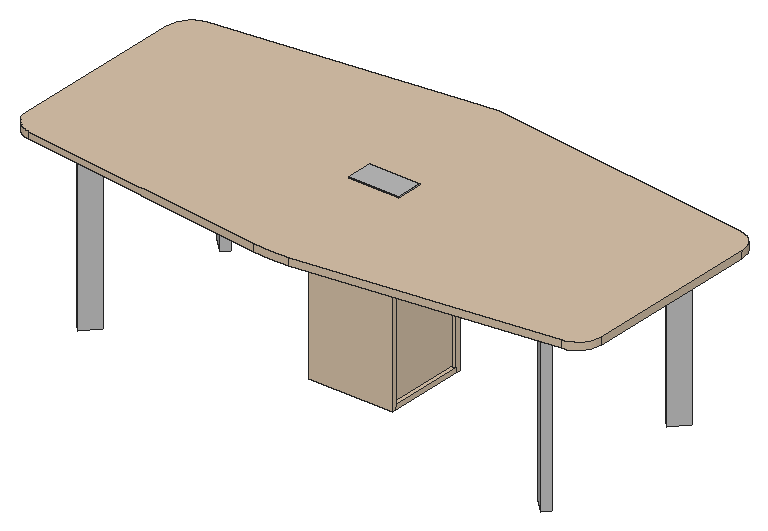
Revit family "Haworth_Planes_ConferenceTable_HexagonOnePiece", category Furniture Systems, Revit 2018
Family settings
  Round Connector Dimension = Use Diameter
  Part Type = Normal
  OmniClass Number = 23.40.70.14.64.21
  OmniClass Title = Systems Furniture
  Work Plane-Based = No
  Always vertical = Yes
  Cut with Voids When Loaded = No
  Shared = No
  Room Calculation Point = No
Parameters (values of type "96w 48d")
  Worksurface Finish = Haworth _ Laminate _ Maple H-AE
  Worksurface Edge Finish = Haworth _ Laminate _ Maple H-AE
  Warranty = "http://www.haworth.com/resources/product-info/warranties"
  URL - Product = "http://www.haworth.com/products/tables/conference/planes"
  Sustainability Info = "http://www.haworth.com/company-info/sustainablility"
  Support Middle Offset = 5"  # constant formula
  Support Location_Front_Back = if(Actual Depth < 45", 8", 10")  # 10"
  Support Finish = Haworth _ Paint _ Metallic Champagne
  Model = "Haworth - Planes - Conference Table - Hexagon One Piece"  # constant formula
  Min. Depth = if(Width < 97", 36", 42")  # 36"
  Middle Leg_Interior = and(not(Middle Leg Off_Override), not(or(Cable Base, Actual Width < 77")))  # no
  Middle Leg Off_Override = no
  Max. Depth = if(Width < 83", 36", 60")  # 60"
  Width = 96"
  URL = "www.haworth.com"
  Support Height = Actual Height - Table Thickness  # 27 13/16"
  Size = "Verify Final Dim. w/ Haworth"  # constant formula
  Revision Number = "2"  # constant formula
  Min/Max Width = "72-120 @ 6 in. increments"  # constant formula
  Standard Height = "29 in."  # constant formula
  Min. Width = if(Depth > 39", 84", 72")  # 84"
  Max. Width = if(Depth > 39", 120", 96")  # 120"
  Min. Height = 29"  # constant formula
  Max. Height = 29"  # constant formula
  Manufacturer = "Haworth"  # constant formula
  Support Location_Side = 10"  # constant formula
  Flip Top Position = Actual Width / 4  # 24"
  Flip Top Left/Right = no
  Flip Top Finish = Haworth _ Paint _ Metallic Champagne
  Flip Top Center = yes
  Flip Top - Single Sided Wide = no
  Flip Top - Single Sided = yes
  Flip Top - Double Sided Wide = no
  Flip Top - Double Sided = no
  Description = "Haworth - Planes - Conference Table - Hexagon One Piece"  # constant formula
  Depth = 48"
  Custom Size = not(or(Standard 42, Standard 36))  # no
  Standard 42 = and(or(Depth = 42", Depth = 48", Depth = 54", Depth = 60"), or(Width = 84", Width = 90", Width = 96", Width = 102", Width = 108", Width = 114", Width = 120"))  # yes
  Standard 36 = and(Depth = 36", or(Width = 72", Width = 78", Width = 84", Width = 90", Width = 96"))  # no
  Cube Base Finish = Haworth _ Laminate _ Maple H-AE
  Cable Base 14 x 14 = and(Cable Base, Actual Depth > 41")  # yes
  Cable Base = yes
  Author = "Haworth (Hampton)"  # constant formula
  Assembly Code = "E2020200"
  Actual Width = if(Width > Max. Width, Max. Width, if(Width < Min. Width, Min. Width, Width))  # 96"
  Actual Height = 29"  # constant formula
  Table Thickness = 1 3/16"  # constant formula
  Standard Depths = "36, 42, 48, 54, 60 in."  # constant formula
  Actual Depth = if(Depth > Max. Depth, Max. Depth, if(Depth < Min. Depth, Min. Depth, Depth))  # 48"
Reference planes (in)
  plane 1 "Center F/B": y = -0.15866
  plane 2 "Floor": z = 0
  plane 3 "Center L/R": x = 0
  plane 4 "Table Edge Left": x = -48
  plane 5 "Table Edge Right": x = 48
  plane 6 "Table Edge Back": y = -24.15866
  plane 7 "Table Edge Front": y = 23.84134
  plane 8 "Table Bottom": z = 29
  plane 9 "Left Support Location": x = -38
  plane 10 "Back Support Location": y = 13.84134
  plane 11 "Front Support Location": y = -14.15866
  plane 12 "Right Support Location": x = 38
  plane 13 "masking region": z = 27
  plane 14 "Middle Leg Back": y = 18.84134
  plane 15 "Middle Leg Front": y = -19.15866
  plane 16 "Flip Top Left": x = -24
  plane 17 "Flip Top Right": x = 24
Dimensions and locks (in)
  "Actual Depth": plane 7 "Table Edge Front" to plane 6 "Table Edge Back"
  "Actual Width": plane 4 "Table Edge Left" to plane 5 "Table Edge Right"
  equal spacing: plane 4 "Table Edge Left", plane 3 "Center L/R", plane 5 "Table Edge Right"
  equal spacing: plane 7 "Table Edge Front", plane 1 "Center F/B", plane 6 "Table Edge Back"
  "Actual Height": plane 8 "Table Bottom" to level
  "Support Location_Side": plane 4 "Table Edge Left" to plane 9 "Left Support Location"
  "Support Location_Side": plane 12 "Right Support Location" to plane 5 "Table Edge Right"
  "Support Location_Front_Back": plane 7 "Table Edge Front" to plane 10 "Back Support Location"
  "Support Location_Front_Back": plane 11 "Front Support Location" to plane 6 "Table Edge Back"
  locked: plane 8 "Table Bottom" to plane 13 "masking region" at 2
  "Support Middle Offset": plane 7 "Table Edge Front" to plane 14 "Middle Leg Back"
  "Support Middle Offset": plane 6 "Table Edge Back" to plane 15 "Middle Leg Front"
  "Flip Top Position": plane 4 "Table Edge Left" to plane 16 "Flip Top Left"
  "Flip Top Position": plane 17 "Flip Top Right" to plane 5 "Table Edge Right"
  aligned and locked: plane 9 "Left Support Location" to nested 2
  aligned and locked: nested 2 to plane 11 "Front Support Location"
  aligned and locked: nested 1 to plane 10 "Back Support Location"
  aligned and locked: plane 9 "Left Support Location" to nested 1
  aligned and locked: plane 10 "Back Support Location" to nested 3
  aligned and locked: plane 11 "Front Support Location" to nested 4
  aligned and locked: plane 12 "Right Support Location" to nested 4
  aligned and locked: plane 12 "Right Support Location" to nested 3
  aligned and locked: plane 3 "Center L/R" to nested 5
  aligned and locked: plane 3 "Center L/R" to nested 6
  aligned and locked: nested 6 to plane 11 "Front Support Location"
  aligned and locked: plane 10 "Back Support Location" to nested 5
  aligned and locked: plane 3 "Center L/R" to nested 7
  aligned and locked: plane 3 "Center L/R" to nested 8
  aligned and locked: plane 11 "Front Support Location" to nested 8
  aligned and locked: nested 7 to plane 10 "Back Support Location"
  aligned: nested 10 to plane 14 "Middle Leg Back"
  aligned and locked: nested 10 to plane 14 "Middle Leg Back"
  aligned and locked: plane 15 "Middle Leg Front" to nested 11
  aligned and locked: plane 3 "Center L/R" to nested 12
  aligned and locked: plane 1 "Center F/B" to nested 12
  aligned and locked: nested 12 to nested 13
  aligned and locked: plane 16 "Flip Top Left" to nested 14
  aligned and locked: nested 12 to nested 14
  aligned and locked: plane 1 "Center F/B" to nested 15
  aligned and locked: nested 15 to plane 17 "Flip Top Right"
  aligned and locked: nested 12 to nested 16
  aligned and locked: plane 1 "Center F/B" to nested 16
Nested families (in)
  nested 1: "Haworth_Worksurface-Support_Part-Leg" at (-29.5, 35.08065, 0) x (-1, 0, 0) z (0, 0, 1), type "Support"
  nested 2: "Haworth_Worksurface-Support_Part-Leg" at (-46.5, 7.08065, 0), type "Support"
  nested 3: "Haworth_Worksurface-Support_Part-Leg" at (46.5, -7.39797, 0) x (-1, 0, 0) z (0, 0, 1), type "Support"
  nested 4: "Haworth_Worksurface-Support_Part-Leg" at (46.5, 7.08065, 0) x (-1, 0, 0) z (0, 0, 1), type "Support"
  nested 5: "Haworth_Worksurface-Support_Part-Leg" at (8.5, 35.08065, 0) x (-1, 0, 0) z (0, 0, 1), visible <- "Middle Leg_Interior", type "Middle Support"
    with Support Post 45 Degree no
  nested 6: "Haworth_Worksurface-Support_Part-Leg" at (-8.5, 7.08065, 0), visible <- "Middle Leg_Interior", type "Middle Support"
    with Support Post 45 Degree no
  nested 7: "Haworth_Worksurface-Support_Part-Leg" at (21.23931, 5.34134, 0) x (0, 1, 0) z (0, 0, 1), type "Middle Support", not visible
    with Support Post 45 Degree no
  nested 8: "Haworth_Worksurface-Support_Part-Leg" at (-21.23931, -22.65866, 0) x (0, 1, 0) z (0, 0, 1), type "Middle Support", not visible
    with Support Post 45 Degree no
  nested 9: "Haworth_Worksurface-Support_Part-Leg" at (-7, 34.83065, 0), type "Middle Support"
    with Support Post 45 Degree no
  nested 10: "Haworth_Worksurface-Support_Part-Leg" at (-21.02887, 27.84939, 0) x (0.7071, 0.7071, 0) z (0, 0, 1), visible <- "Middle Leg_Interior", type "Support"
  nested 11: "Haworth_Worksurface-Support_Part-Leg" at (-21.02887, -10.15061, 0) x (0.7071, 0.7071, 0) z (0, 0, 1), visible <- "Middle Leg_Interior", type "Support"
  nested 12: "Haworth_Worksurface-Hexagon" at (0, -15.15866, 0), type "Worksurface"
  nested 13: "Haworth-Flip_Top" at (-0.57037, -0.21114, 0), visible <- "Flip Top Center", type "Flip Top"
    with Single Sided yes
  nested 14: "Haworth-Flip_Top" at (-24.57037, -0.21114, 0), visible <- "Flip Top Left/Right", type "Flip Top"
    with Single Sided yes
  nested 15: "Haworth-Flip_Top" at (23.42963, -0.21114, 0), visible <- "Flip Top Left/Right", type "Flip Top"
    with Single Sided yes
  nested 16: "Haworth_Planes-Cable_Base" at (0, -3.78366, 0), visible <- "Cable Base", type "Base"
    with Actual Depth 14", 8 x 14 no, 14 x 14 yes
Definition of nested family "Haworth_Worksurface-Support_Part-Leg"
  Parameters
    Top Thickness = 1 3/16"
    Support Post Standard = no
    Support Post 45 Degree = yes
    Support Height = Actual Height - Top Thickness  # 27 13/16"
    Model = "Worksurface"
    Worksurface Height = 29"
    Warranty = "www.haworth.com/en-us/Products/Pages/Certifications.aspx"
    URL - Product = "www.haworth.com/en-us/Products/Furniture/Systems/Desking-Systems/Pages/Compose.aspx"
    URL = "www.haworth.com"
    Sustainability Info = "www.haworth.com/en-us/About-Us/Sustainability/Pages/Vision.aspx"
    Support Finish = none
    Size = "Verify Final Dim. w/ Haworth"  # constant formula
    Revision Number = "1"  # constant formula
    Min/Max Height = "26-32 in."  # constant formula
    Min. Height = 20"  # constant formula
    Max. Height = 48"  # constant formula
    Manufacturer = "Haworth"  # constant formula
    LEED Data = "www.haworth.com/_layouts/Haworth.ProductCatalog/Handlers/GetAsset.ashx/ComposeLEEDContributions.pdf?cid=27&rid=1824&type=Leed"
    Description = "Worksurface Support"  # constant formula
    Author = "SHAPE Environments, LLC"  # constant formula
    Assembly Code = "E2020200"
    Actual Top Thickness = if(Top Thickness > 3", 3", if(Top Thickness < 1", 1", Top Thickness))  # 1 3/16"
    Actual Height = 29"
  Reference planes (in)
    plane 1: z = 0
    plane 2 "Center L/R": x = 8.5
    plane 3 "Support Top": z = 27.8125
    plane 4 "Center F/B": y = -21.23931
    plane 5 "Center 45": through (8.5, -21.23931, 48) normal (-0.7071, -0.7071, 0)
  Forms (in)
    Extrusion 1, solid, material <- "Support Finish", visible <- "Support Post 45 Degree"
      sketch origin (17.50805, -0.21044, 0) x (0.707107, -0.707107, 0) y (0.707107, 0.707107, 0)
        loop
          line (7.75, -22.86431) -> (9.25, -22.86431) -> (9.25, -19.61431) -> (7.75, -19.61431) -> (7.75, -22.86431)
      from 0 to 27.8125
  Lines and regions (in)
    symbolic lines, visible <- "Support Post 45 Degree", detail levels fine
      curve 1: line (6.82062, -21.85803, 0) -> (9.11872, -19.55993, 0)
      curve 2: line (9.11872, -19.55993, 0) -> (10.17938, -20.62059, 0)
      curve 3: line (10.17938, -20.62059, 0) -> (7.88128, -22.91869, 0)
      curve 4: line (7.88128, -22.91869, 0) -> (6.82062, -21.85803, 0)
  Dimensions and locks (in)
    "Support Height": plane 3 "Support Top" to level
    aligned and locked: plane 3 "Support Top" to Extrusion 1
  Automatic sketch dimensions
    plane 2 "Center L/R" to Extrusion 1 sketch curve = 0.61872"
    Extrusion 1 sketch curve to plane 4 "Center F/B" = 1.67938"
    Extrusion 1 sketch curve to Extrusion 1 sketch curve = 1 1/2"
    Extrusion 1 sketch curve to Extrusion 1 sketch curve = 3 1/4"
    plane 4 "Center F/B" to curve 1 = 0.61872"
    plane 2 "Center L/R" to curve 2 = 0.61872"
    curve 2 to plane 4 "Center F/B" = 0.61872"
    curve 4 to plane 2 "Center L/R" = 0.61872"
    curve 4 to curve 3 = 1.06066"
Definition of nested family "Haworth_Worksurface-Hexagon"
  Parameters
    Warranty = ""
    URL - Product = ""
    URL = "www.haworth.com"
    Table Thickness = 1 3/16"
    Table Finish = none
    Table Edge Finish = none
    Sustainability Info = ""
    Revision Number = "1"
    OmniClass Number = ""
    Material Options = ""
    Manufacturer = "Haworth"  # constant formula
    LEED Data = ""
    Cutout Width = 8"
    Cutout Dimension = if(Cutout, 3", 1")  # 1"
    Cutout Depth = 4"
    Cutout = no
    Author = "Haworth (Hampton)"  # constant formula
    Assembly Code = ""
    Actual Width = 96"
    Actual Height = 29"
    Actual Depth = 48"
  Reference planes (in)
    plane 1 "Center F/B": y = 15
    plane 2: z = 0
    plane 3 "Center L/R": x = 0
    plane 4 "Table Front": y = 39
    plane 5 "Table Right": x = 48
    plane 6 "Table Left": x = -48
    plane 7 "Table Back": y = -9
    plane 8 "Table Top": z = 29
    plane 9 "Table Bottom": z = 27.8125
    plane 10 "Cutout Top": z = 30
    plane 11 "Cutout Bottom": z = 29
  Forms (in)
    Extrusion 1, solid, material <- "Table Finish"
      sketch origin (0, 0, 0) x (1, 0, 0) y (0, 1, 0)
        loop
          line (-2.92486, 38.70059) -> (-44.48748, 33.59734)
          arc (-44.48748, 33.59734) -> (-46.99582, 32.27764) -> (-48, 29.62716) r 4
          line (-48, 29.62716) -> (-48, 0.37284)
          arc (-48, 0.37284) -> (-46.99582, -2.27764) -> (-44.48748, -3.59734) r 4
          line (-44.48748, -3.59734) -> (-2.92486, -8.70059)
          arc (-2.92486, -8.70059) -> (0, -8.87948) -> (2.92486, -8.70059) r 24
          line (2.92486, -8.70059) -> (44.48748, -3.59734)
          arc (44.48748, -3.59734) -> (46.99582, -2.27764) -> (48, 0.37284) r 4
          line (48, 0.37284) -> (48, 29.62716)
          arc (48, 29.62716) -> (46.99582, 32.27764) -> (44.48748, 33.59734) r 4
          line (44.48748, 33.59734) -> (2.92486, 38.70059)
          arc (2.92486, 38.70059) -> (0, 38.87948) -> (-2.92486, 38.70059) r 24
      from 27.8125 to 29
    Extrusion 2, void
      sketch origin (0, 0, 29) x (-1, 0, 0) y (0, -1, 0)
        loop
          line (4, -17) -> (4, -13) -> (-4, -13) -> (-4, -17) -> (4, -17)
      from 0 to 1
  Cuts and joins
    Extrusion 2 cuts Extrusion 1
  Lines and regions (in)
    Masking region 1
      outline origin (0, 0, 0) x (1, 0, 0) y (0, 1, 0)
        loop
          line (-2.92486, 38.70059) -> (-44.48748, 33.59734)
          arc (-44.48748, 33.59734) -> (-46.99582, 32.27764) -> (-48, 29.62716) r 4
          line (-48, 29.62716) -> (-48, 0.37284)
          arc (-48, 0.37284) -> (-46.99582, -2.27764) -> (-44.48748, -3.59734) r 4
          line (-44.48748, -3.59734) -> (-2.92486, -8.70059)
          arc (-2.92486, -8.70059) -> (0, -8.87948) -> (2.92486, -8.70059) r 24
          line (2.92486, -8.70059) -> (44.48748, -3.59734)
          arc (44.48748, -3.59734) -> (46.99582, -2.27764) -> (48, 0.37284) r 4
          line (48, 0.37284) -> (48, 29.62716)
          arc (48, 29.62716) -> (46.99582, 32.27764) -> (44.48748, 33.59734) r 4
          line (44.48748, 33.59734) -> (2.92486, 38.70059)
          arc (2.92486, 38.70059) -> (0, 38.87948) -> (-2.92486, 38.70059) r 24
    symbolic lines, visible <- "Cutout"
      curve 1: line (4, 13, 0) -> (-4, 13, 0)
      curve 2: line (-4, 13, 0) -> (-4, 17, 0)
      curve 3: line (-4, 17, 0) -> (4, 17, 0)
      curve 4: line (4, 17, 0) -> (4, 13, 0)
  Dimensions and locks (in)
    "Actual Depth": plane 7 "Table Back" to plane 4 "Table Front"
    "Actual Width": plane 6 "Table Left" to plane 5 "Table Right"
    equal spacing: plane 6 "Table Left", plane 3 "Center L/R", plane 5 "Table Right"
    equal spacing: plane 4 "Table Front", plane 1 "Center F/B", plane 7 "Table Back"
    "Table Thickness": plane 8 "Table Top" to plane 9 "Table Bottom"
    "Actual Height": plane 8 "Table Top" to level
    equal spacing: Extrusion 2 sketch curve, plane 3 "Center L/R", Extrusion 2 sketch curve
    "Cutout Width": Extrusion 2 sketch curve to Extrusion 2 sketch curve
    equal spacing: Extrusion 2 sketch curve, plane 1 "Center F/B", Extrusion 2 sketch curve
    "Cutout Depth": Extrusion 2 sketch curve to Extrusion 2 sketch curve
    "Cutout Dimension": plane 10 "Cutout Top" to plane 11 "Cutout Bottom"
    locked: plane 10 "Cutout Top" to plane 8 "Table Top" at 1
    aligned and locked: plane 8 "Table Top" to Extrusion 1
    aligned and locked: Extrusion 1 to plane 9 "Table Bottom"
    aligned and locked: Extrusion 2 to plane 11 "Cutout Bottom"
    aligned and locked: plane 10 "Cutout Top" to Extrusion 2
    aligned and locked: curve 1 to cut or joined group of Extrusion 1, Extrusion 2
    aligned and locked: curve 4 to cut or joined group of Extrusion 1, Extrusion 2
    aligned and locked: curve 3 to cut or joined group of Extrusion 1, Extrusion 2
    aligned and locked: curve 2 to cut or joined group of Extrusion 1, Extrusion 2
    aligned and locked: cut or joined group of Extrusion 1, Extrusion 2 to cut or joined group of Extrusion 1, Extrusion 2
  Automatic sketch dimensions
    Masking region 1 sketch curve to plane 6 "Table Left" = 0"
    Masking region 1 sketch curve to plane 3 "Center L/R" = 0"  (x2)
    Masking region 1 sketch curve to plane 5 "Table Right" = 0"
    plane 6 "Table Left" to Masking region 1 sketch curve = 3.51252"  (x2)
    Masking region 1 sketch curve to Masking region 1 sketch curve = 0.48748"  (x2)
    Masking region 1 sketch curve to plane 4 "Table Front" = 0.29941"  (x2)
    Masking region 1 sketch curve to plane 3 "Center L/R" = 2.92486"
    Masking region 1 sketch curve to plane 7 "Table Back" = 0.29941"  (x2)
    plane 3 "Center L/R" to Masking region 1 sketch curve = 2.92486"
    Masking region 1 sketch curve to Masking region 1 sketch curve = 4"  (x2)
    plane 5 "Table Right" to Masking region 1 sketch curve = 3.51252"  (x2)
    Masking region 1 sketch curve to plane 7 "Table Back" = 5.40266"  (x2)
    plane 1 "Center F/B" to Masking region 1 sketch curve = 0.12052"
    Masking region 1 sketch curve to plane 1 "Center F/B" = 0.12052"
    Masking region 1 sketch curve to plane 4 "Table Front" = 9.37284"  (x2)
    Extrusion 1 sketch curve to plane 6 "Table Left" = 0"
    Extrusion 1 sketch curve to plane 3 "Center L/R" = 0"  (x2)
    Extrusion 1 sketch curve to plane 5 "Table Right" = 0"
    plane 6 "Table Left" to Extrusion 1 sketch curve = 3.51252"  (x2)
    Extrusion 1 sketch curve to Extrusion 1 sketch curve = 0.48748"
    plane 6 "Table Left" to Extrusion 1 sketch curve = 4"
    Extrusion 1 sketch curve to plane 7 "Table Back" = 0.29941"  (x2)
    Extrusion 1 sketch curve to plane 3 "Center L/R" = 2.92486"  (x2)
    Extrusion 1 sketch curve to plane 4 "Table Front" = 0.29941"  (x2)
    Extrusion 1 sketch curve to Extrusion 1 sketch curve = 4"
    plane 5 "Table Right" to Extrusion 1 sketch curve = 4"
    plane 5 "Table Right" to Extrusion 1 sketch curve = 3.51252"  (x2)
    Extrusion 1 sketch curve to plane 7 "Table Back" = 5.40266"  (x2)
    plane 1 "Center F/B" to Extrusion 1 sketch curve = 0.12052"
    Extrusion 1 sketch curve to plane 1 "Center F/B" = 0.12052"
    Extrusion 1 sketch curve to plane 4 "Table Front" = 9.37284"  (x2)
Definition of nested family "Haworth-Flip_Top"
  Parameters
    Warranty = ""
    URL - Product = ""
    URL = ""
    Sustainability Info = ""
    Size = "Verify Final Dim. w/ Haworth"  # constant formula
    Single Sided = no
    Single Sided Wide = no
    Revision Number = ""
    OmniClass Number = ""
    Material Options = ""
    Manufacturer = "Haworth"  # constant formula
    LEED Data = ""
    Flip Top Finish = none
    Double Sided = no
    Double Sided Wide = no
    Author = "SHAPE Environments, LLC"  # constant formula
    Assembly Code = ""
    Actual Width = if(or(Double Sided Wide, Single Sided Wide), 11 1/4", 8 5/16")  # 8 5/16"
    Actual Height = 29"
    Actual Depth = if(or(Double Sided Wide, Double Sided), 8", 4 3/8")  # 4 3/8"
  Reference planes (in)
    plane 1 "Center F/B": y = 0.05249
    plane 2: z = 0
    plane 3 "Center L/R": x = 0.57037
    plane 4 "Back": y = 2.23999
    plane 5 "Right": x = 4.72662
    plane 6 "Front": y = -2.13501
    plane 7 "Left": x = -3.58588
    plane 8 "Table Height": z = 29
  Forms (in)
    Extrusion 1, solid, material <- "Flip Top Finish"
      sketch origin (0, 0, 29) x (-1, 0, 0) y (0, -1, 0)
        loop
          line (3.58588, -2.23999) -> (3.58588, 2.13501) -> (-4.72662, 2.13501) -> (-4.72662, -2.23999) -> (3.58588, -2.23999)
      from 0 to 0.125
    Extrusion 2, solid, material <- "Flip Top Finish"
      sketch origin (0, 0, 29) x (-1, 0, 0) y (0, -1, 0)
        loop
          line (3.46088, -2.05249) -> (3.46088, 1.94751) -> (-4.60162, 1.94751) -> (-4.60162, -2.05249) -> (3.46088, -2.05249)
      from 0 to -2.75
  Cuts and joins
    joined: Extrusion 1, Extrusion 2
  Lines and regions (in)
    symbolic lines
      curve 1: line (-3.58588, 2.23999, 29) -> (4.72662, 2.23999, 29)
      curve 2: line (-3.58588, -2.13501, 29) -> (-3.58588, 2.23999, 29)
      curve 3: line (4.72662, -2.13501, 29) -> (-3.58588, -2.13501, 29)
      curve 4: line (4.72662, 2.23999, 29) -> (4.72662, -2.13501, 29)
  Dimensions and locks (in)
    equal spacing: plane 7 "Left", plane 3 "Center L/R", plane 5 "Right"
    "Actual Width": plane 7 "Left" to plane 5 "Right"
    equal spacing: plane 6 "Front", plane 1 "Center F/B", plane 4 "Back"
    "Actual Depth": plane 4 "Back" to plane 6 "Front"
    plane 7 "Left" to Extrusion 2 sketch curve = 1/8"
    plane 4 "Back" to Extrusion 2 sketch curve = 3/16"
    Extrusion 2 sketch curve to plane 5 "Right" = 1/8"
    Extrusion 2 sketch curve to plane 6 "Front" = 3/16"
    "Actual Height": plane 8 "Table Height" to level
    aligned and locked: plane 7 "Left" to Extrusion 1 sketch curve
    aligned and locked: Extrusion 1 sketch curve to plane 4 "Back"
    aligned and locked: plane 6 "Front" to Extrusion 1 sketch curve
    aligned and locked: Extrusion 1 sketch curve to plane 5 "Right"
  Automatic sketch dimensions
    curve 4 to plane 5 "Right" = 0"
    curve 2 to plane 4 "Back" = 0"
    curve 2 to plane 7 "Left" = 0"
    curve 4 to plane 6 "Front" = 0"
Definition of nested family "Haworth_Planes-Cable_Base"
  Parameters
    Warranty = "www.haworth.com/en-us/Products/Pages/Certifications.aspx"
    URL - Product = "www.haworth.com/en-us/Products/Furniture/Tables/Conference-Ancillary/Pages/Planes.aspx"
    URL = "www.haworth.com"
    Sustainability Info = "www.haworth.com/en-us/About-Us/Sustainability/Pages/Vision.aspx"
    Size = "Verify Final Dim. w/ Haworth"  # constant formula
    Revision Number = "2"  # constant formula
    Model = "Haworth_Planes-Cable_Base"  # constant formula
    Min. Height = 27 13/16"  # constant formula
    Max. Height = 27 13/16"  # constant formula
    Manufacturer = "Haworth"  # constant formula
    LEED Data = "www.haworth.com/_layouts/Haworth.ProductCatalog/Handlers/GetAsset.ashx/PlanesLEEDContributions.pdf?cid=187&rid=1508&type=Leed"
    Description = "Haworth_Planes-Cable_Base"
    Base Finish = none
    Author = "SHAPE Environments, LLC"  # constant formula
    Assembly Code = "E2020200"
    Actual Width = 14"  # constant formula
    Actual Height = 27 13/16"  # constant formula
    Actual Depth = if([8 x 14], 8", 14")  # 8"
    8 x 14 = not([14 x 14])  # yes
    14 x 14 = no
  Reference planes (in)
    plane 1 "Center F/B": y = 3.625
    plane 2: z = 0
    plane 3 "Center L/R": x = 0
    plane 4 "Left": x = -7
    plane 5 "Right": x = 7
    plane 6 "Front": y = -0.375
    plane 7 "Top": z = 27.8125
    plane 8 "Back": y = 7.625
    plane 9: y = 6.875
    plane 10: x = 6.25
    plane 11: x = -6.25
    plane 12: y = 0.375
    plane 13: z = 27.0625
  Forms (in)
    Extrusion 1, solid, material <- "Base Finish"
      sketch origin (0, 0, 0) x (1, 0, 0) y (0, 1, 0)
        loop
          line (-7, 7.625) -> (-7, 6.875) -> (7, 6.875) -> (7, 7.625) -> (-7, 7.625)
        loop
          line (-7, 0.375) -> (-7, -0.375) -> (7, -0.375) -> (7, 0.375) -> (-7, 0.375)
      from 0 to 27.8125
    Extrusion 2, solid, material <- "Base Finish"
      sketch origin (0, 0, 0) x (1, 0, 0) y (0, 1, 0)
        loop
          line (-6.25, 6.875) -> (-6.25, 0.375) -> (-5.5, 0.375) -> (-5.5, 6.875) -> (-6.25, 6.875)
        loop
          line (6.25, 6.875) -> (5.5, 6.875) -> (5.5, 0.375) -> (6.25, 0.375) -> (6.25, 6.875)
      from 0 to 27.0625
    Extrusion 3, solid, material <- "Base Finish"
      sketch origin (0, 0, 0) x (1, 0, 0) y (0, 1, 0)
        loop
          line (-7, 6.875) -> (-7, 0.375) -> (7, 0.375) -> (7, 6.875) -> (-7, 6.875)
        loop
          line (-4, 4.625) -> (-4, 2.625) -> (4, 2.625) -> (4, 4.625) -> (-4, 4.625)
      from 0 to 0.75
  Cuts and joins
    joined: Extrusion 2, Extrusion 3
  Lines and regions (in)
    Masking region 1, detail levels fine
      outline origin (0, 0, 0) x (1, 0, 0) y (0, 1, 0)
        loop
          line (-7, 7.625) -> (-7, -0.375) -> (7, -0.375) -> (7, 7.625) -> (-7, 7.625)
        loop
          line (-4, 4.625) -> (-4, 2.625) -> (4, 2.625) -> (4, 4.625) -> (-4, 4.625)
  Dimensions and locks (in)
    equal spacing: plane 8 "Back", plane 1 "Center F/B", plane 6 "Front"
    "Actual Depth": plane 8 "Back" to plane 6 "Front"
    equal spacing: plane 4 "Left", plane 3 "Center L/R", plane 5 "Right"
    "Actual Width": plane 4 "Left" to plane 5 "Right"
    "Actual Height": plane 7 "Top" to level
    locked: plane 4 "Left" to plane 11 at 0.75
    locked: plane 10 to plane 5 "Right" at 0.75
    locked: plane 8 "Back" to plane 9 at 0.75
    locked: plane 12 to plane 6 "Front" at 0.75
    locked: plane 7 "Top" to plane 13 at 0.75
    Extrusion 2 sketch curve to plane 10 = 3/4"
    plane 11 to Extrusion 2 sketch curve = 3/4"
    Extrusion 3 sketch curve to plane 6 "Front" = 3"
    Extrusion 3 sketch curve to plane 8 "Back" = 3"
    plane 4 "Left" to Extrusion 3 sketch curve = 3"
    Extrusion 3 sketch curve to plane 5 "Right" = 3"
    aligned and locked: plane 4 "Left" to Extrusion 1 sketch curve  (x2)
    aligned and locked: Extrusion 1 sketch curve to plane 8 "Back"
    aligned and locked: plane 9 to Extrusion 1 sketch curve
    aligned and locked: plane 5 "Right" to Extrusion 1 sketch curve  (x2)
    aligned and locked: plane 6 "Front" to Extrusion 1 sketch curve
    aligned and locked: Extrusion 1 sketch curve to plane 12
    aligned and locked: plane 7 "Top" to Extrusion 1
    aligned and locked: plane 11 to Extrusion 2 sketch curve
    aligned and locked: Extrusion 2 sketch curve to plane 9
    aligned and locked: plane 12 to Extrusion 2 sketch curve  (x2)
    aligned and locked: plane 10 to Extrusion 2 sketch curve
    aligned and locked: plane 9 to Extrusion 2 sketch curve
    aligned and locked: plane 13 to Extrusion 2
    aligned and locked: Extrusion 1 to Extrusion 3 sketch curve
    aligned and locked: Extrusion 3 sketch curve to Extrusion 1
    aligned and locked: Masking region 1 sketch curve to Extrusion 3  (x5)
    aligned and locked: Masking region 1 sketch curve to Extrusion 1
    aligned and locked: Extrusion 1 to Masking region 1 sketch curve
    aligned and locked: Extrusion 3 to Masking region 1 sketch curve
    aligned and locked: plane 12 to Extrusion 3 sketch curve
    aligned and locked: Extrusion 3 sketch curve to plane 9
Types in the file's own list only (44): name | Support Location_Front_Back | Min. Depth | Max. Depth | Width | Min. Width | Max. Width | Flip Top Position | Depth | Custom Size | Standard 42 | Standard 36 | Cable Base 14 x 14 | Actual Width | Actual Depth
  72w 36d | 8" | 36" | 36" | 72" | 72" | 96" | 18" | 36" | No | No | Yes | No | 72" | 36"
  78w 36d | 8" | 36" | 36" | 78" | 72" | 96" | 19 1/2" | 36" | No | No | Yes | No | 78" | 36"
  84w 36d | 8" | 36" | 60" | 84" | 72" | 96" | 21" | 36" | No | No | Yes | No | 84" | 36"
  90w 36d | 8" | 36" | 60" | 90" | 72" | 96" | 22 1/2" | 36" | No | No | Yes | No | 90" | 36"
  96w 36d | 8" | 36" | 60" | 96" | 72" | 96" | 24" | 36" | No | No | Yes | No | 96" | 36"
  102w 36d | 8" | 42" | 60" | 102" | 72" | 96" | 24" | 36" | Yes | No | No | Yes | 96" | 42"
  108w 36d | 8" | 42" | 60" | 108" | 72" | 96" | 24" | 36" | Yes | No | No | Yes | 96" | 42"
  114w 36d | 8" | 42" | 60" | 114" | 72" | 96" | 24" | 36" | Yes | No | No | Yes | 96" | 42"
  120w 36d | 8" | 42" | 60" | 120" | 72" | 96" | 24" | 36" | Yes | No | No | Yes | 96" | 42"
  72 42d | 8" | 36" | 36" | 72" | 84" | 120" | 21" | 42" | Yes | No | No | No | 84" | 36"
  78 42d | 8" | 36" | 36" | 78" | 84" | 120" | 21" | 42" | Yes | No | No | No | 84" | 36"
  84 42d | 8" | 36" | 60" | 84" | 84" | 120" | 21" | 42" | No | Yes | No | Yes | 84" | 42"
  90 42d | 8" | 36" | 60" | 90" | 84" | 120" | 22 1/2" | 42" | No | Yes | No | Yes | 90" | 42"
  96 42d | 8" | 36" | 60" | 96" | 84" | 120" | 24" | 42" | No | Yes | No | Yes | 96" | 42"
  102 42d | 8" | 42" | 60" | 102" | 84" | 120" | 25 1/2" | 42" | No | Yes | No | Yes | 102" | 42"
  108 42d | 8" | 42" | 60" | 108" | 84" | 120" | 27" | 42" | No | Yes | No | Yes | 108" | 42"
  114 42d | 8" | 42" | 60" | 114" | 84" | 120" | 28 1/2" | 42" | No | Yes | No | Yes | 114" | 42"
  120 42d | 8" | 42" | 60" | 120" | 84" | 120" | 30" | 42" | No | Yes | No | Yes | 120" | 42"
  72 48d | 8" | 36" | 36" | 72" | 84" | 120" | 21" | 48" | Yes | No | No | No | 84" | 36"
  78w 48d | 8" | 36" | 36" | 78" | 84" | 120" | 21" | 48" | Yes | No | No | No | 84" | 36"
  84w 48d | 10" | 36" | 60" | 84" | 84" | 120" | 21" | 48" | No | Yes | No | Yes | 84" | 48"
  90w 48d | 10" | 36" | 60" | 90" | 84" | 120" | 22 1/2" | 48" | No | Yes | No | Yes | 90" | 48"
  102w 48d | 10" | 42" | 60" | 102" | 84" | 120" | 25 1/2" | 48" | No | Yes | No | Yes | 102" | 48"
  108w 48d | 10" | 42" | 60" | 108" | 84" | 120" | 27" | 48" | No | Yes | No | Yes | 108" | 48"
  114w 48d | 10" | 42" | 60" | 114" | 84" | 120" | 28 1/2" | 48" | No | Yes | No | Yes | 114" | 48"
  120w 48d | 10" | 42" | 60" | 120" | 84" | 120" | 30" | 48" | No | Yes | No | Yes | 120" | 48"
  72w 54d | 8" | 36" | 36" | 72" | 84" | 120" | 21" | 54" | Yes | No | No | No | 84" | 36"
  78w 54d | 8" | 36" | 36" | 78" | 84" | 120" | 21" | 54" | Yes | No | No | No | 84" | 36"
  84w 54d | 10" | 36" | 60" | 84" | 84" | 120" | 21" | 54" | No | Yes | No | Yes | 84" | 54"
  90w 54d | 10" | 36" | 60" | 90" | 84" | 120" | 22 1/2" | 54" | No | Yes | No | Yes | 90" | 54"
  96w 54d | 10" | 36" | 60" | 96" | 84" | 120" | 24" | 54" | No | Yes | No | Yes | 96" | 54"
  102w 54d | 10" | 42" | 60" | 102" | 84" | 120" | 25 1/2" | 54" | No | Yes | No | Yes | 102" | 54"
  108 54d | 10" | 42" | 60" | 108" | 84" | 120" | 27" | 54" | No | Yes | No | Yes | 108" | 54"
  114 54d | 10" | 42" | 60" | 114" | 84" | 120" | 28 1/2" | 54" | No | Yes | No | Yes | 114" | 54"
  120 54d | 10" | 42" | 60" | 120" | 84" | 120" | 30" | 54" | No | Yes | No | Yes | 120" | 54"
  72 60d | 8" | 36" | 36" | 72" | 84" | 120" | 21" | 60" | Yes | No | No | No | 84" | 36"
  78 60d | 8" | 36" | 36" | 78" | 84" | 120" | 21" | 60" | Yes | No | No | No | 84" | 36"
  84 60d | 10" | 36" | 60" | 84" | 84" | 120" | 21" | 60" | No | Yes | No | Yes | 84" | 60"
  90 60d | 10" | 36" | 60" | 90" | 84" | 120" | 22 1/2" | 60" | No | Yes | No | Yes | 90" | 60"
  96 60d | 10" | 36" | 60" | 96" | 84" | 120" | 24" | 60" | No | Yes | No | Yes | 96" | 60"
  102 60d | 10" | 42" | 60" | 102" | 84" | 120" | 25 1/2" | 60" | No | Yes | No | Yes | 102" | 60"
  108 60d | 10" | 42" | 60" | 108" | 84" | 120" | 27" | 60" | No | Yes | No | Yes | 108" | 60"
  114 60d | 10" | 42" | 60" | 114" | 84" | 120" | 28 1/2" | 60" | No | Yes | No | Yes | 114" | 60"
  120 60d | 10" | 42" | 60" | 120" | 84" | 120" | 30" | 60" | No | Yes | No | Yes | 120" | 60"
